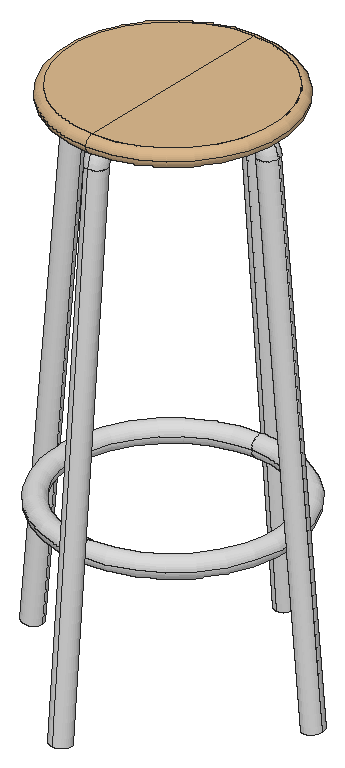
Revit family
Parameters (values of type "Stool - Lab")
  Material Seat = Wood - Birch
  Material Frame = Metal - Stainless
  Keynote = "N"
  Assembly Code = "E2020200"
  Height = 850 mm
  Radius = 175 mm
Reference planes
  plane 1 "Center F/B": y = 0
  plane 2: z = 0
  plane 3 "Center L/R": x = 0
  plane 4: z = 850
  plane 5: z = 254
Forms (mm)
  Sweep 1, solid, material "Metal - Stainless" <- "Material Frame"
    path origin (0, 0, 0) x (1, 0, 0) y (0, 0, 1)
      loop
        line (225.733, 0) -> (154.429, 801.414)
        arc (154.429, 801.414) -> (146.285, 817.927) -> (129.125, 824.6) r 25.4
        line (129.125, 824.6) -> (-129.125, 824.6)
        arc (-129.125, 824.6) -> (-146.285, 817.927) -> (-154.429, 801.414) r 25.4
        line (-154.429, 801.414) -> (-225.733, 0)
    profile origin (0, 0, 0) x (0, 0, -1) y (0, -1, 0)
      loop
        circle (-824.6, 0) r 15.875
  Sweep 2, solid, material "Metal - Stainless" <- "Material Frame"
    path origin (0, 0, 0) x (0, 1, 0) y (0, 0, 1)
      loop
        line (-225.733, 0) -> (-154.429, 801.414)
        arc (-154.429, 801.414) -> (-146.285, 817.927) -> (-129.125, 824.6) r 25.4
        line (-129.125, 824.6) -> (129.125, 824.6)
        arc (129.125, 824.6) -> (146.285, 817.927) -> (154.429, 801.414) r 25.4
        line (154.429, 801.414) -> (225.733, 0)
    profile origin (0, 0, 0) x (0, 0, 1) y (1, 0, 0)
      loop
        circle (824.6, 0) r 15.875
  Revolve 3, solid, material "Wood - Birch" <- "Material Seat"
    sketch origin (0, 0, 0) x (0, 1, 0) y (0, 0, 1)
      loop
        line (0, 850) -> (0, 824.6) -> (162.3, 824.6)
        arc (162.3, 824.6) -> (171.28, 828.32) -> (175, 837.3) r 12.7
        arc (175, 837.3) -> (171.28, 846.28) -> (162.3, 850) r 12.7
        line (162.3, 850) -> (0, 850)
      axis (0, 824.6) -> (0, 850)
    angle from 0 to 360
  Sweep 4, solid, material "Metal - Stainless" <- "Material Frame"
    path origin (0, 0, 254) x (0, -1, 0) y (1, 0, 0)
      loop
        circle (0, 0) r 209.918
    profile origin (0, 0, 254) x (-1, 0, 0) y (0, 0, 1)
      loop
        circle (174.166, -0.439) r 15.875
Lines and regions (mm)
  Masking region 1
    outline origin (0, 0, 0) x (1, 0, 0) y (0, 1, 0)
      loop
        arc (-15.875, 202.952) -> (-143.947, 143.947) -> (-202.952, 15.875) r 203.572
        line (-202.952, 15.875) -> (-226.487, 15.875)
        arc (-226.487, 15.875) -> (-242.362, 0) -> (-226.487, -15.875) r 15.875
        line (-226.487, -15.875) -> (-202.952, -15.875)
        arc (-202.952, -15.875) -> (-143.947, -143.947) -> (-15.875, -202.952) r 203.572
        line (-15.875, -202.952) -> (-15.875, -226.487)
        arc (-15.875, -226.487) -> (0, -242.362) -> (15.875, -226.487) r 15.875
        line (15.875, -226.487) -> (15.875, -202.952)
        arc (15.875, -202.952) -> (143.947, -143.947) -> (202.952, -15.875) r 203.572
        line (202.952, -15.875) -> (226.487, -15.875)
        arc (226.487, -15.875) -> (242.362, 0) -> (226.487, 15.875) r 15.875
        line (226.487, 15.875) -> (202.952, 15.875)
        arc (202.952, 15.875) -> (143.947, 143.947) -> (15.875, 202.952) r 203.572
        line (15.875, 202.952) -> (15.875, 226.487)
        arc (15.875, 226.487) -> (0, 242.362) -> (-15.875, 226.487) r 15.875
        line (-15.875, 226.487) -> (-15.875, 202.952)
  symbolic lines
    curve 1: arc (-202.952, 15.875, 0) -> (-203.688, 0, 0) -> (-202.952, -15.875, 0) r 171.522
    curve 2: arc (202.952, 15.875, 0) -> (203.688, 0, 0) -> (202.952, -15.875, 0) r 171.522
    curve 3: arc (-15.875, 202.952, 0) -> (0, 203.536, 0) -> (15.875, 202.952, 0) r 215.965
    curve 4: arc (-15.875, -202.952, 0) -> (0, -203.536, 0) -> (15.875, -202.952, 0) r 215.965
Dimensions and locks
  "Height": plane 4 to plane 2
  "Radius": plane 1 "Center F/B" to Revolve 3 sketch curve
  locked: Revolve 3 sketch curve to Revolve 3 sketch curve at 12.7
Automatic sketch dimensions
  Sweep 1 sketch curve to level = 0 mm  (x2)
  Sweep 1 sketch curve to plane 3 "Center L/R" = 225.733 mm
  plane 4 to Sweep 1 sketch curve = 48.586 mm
  Sweep 1 sketch curve to plane 3 "Center L/R" = 154.429 mm
  plane 4 to Sweep 1 sketch curve = 25.4 mm
  Sweep 1 sketch curve to Sweep 1 sketch curve = 25.303 mm  (x2)
  plane 3 "Center L/R" to Sweep 1 sketch curve = 129.125 mm
  plane 3 "Center L/R" to Sweep 1 sketch curve = 225.733 mm
  Sweep 1 sketch curve to Sweep 1 sketch curve = 25.4 mm
  Sweep 1 sketch curve to plane 1 "Center F/B" = 0 mm
  Sweep 1 sketch curve to profile plane = 0 mm
  profile plane to Sweep 1 sketch curve = 15.875 mm
  Sweep 2 sketch curve to level = 0 mm  (x2)
  plane 1 "Center F/B" to Sweep 2 sketch curve = 225.733 mm
  plane 4 to Sweep 2 sketch curve = 48.586 mm  (x2)
  plane 1 "Center F/B" to Sweep 2 sketch curve = 154.429 mm
  Sweep 2 sketch curve to Sweep 2 sketch curve = 25.303 mm  (x2)
  Sweep 2 sketch curve to plane 1 "Center F/B" = 129.125 mm
  Sweep 2 sketch curve to plane 1 "Center F/B" = 225.733 mm
  Sweep 2 sketch curve to Sweep 2 sketch curve = 2.214 mm
  Sweep 2 sketch curve to plane 3 "Center L/R" = 0 mm
  Sweep 2 sketch curve to profile plane = 0 mm
  profile plane to Sweep 2 sketch curve = 15.875 mm
  Revolve 3 sketch curve to plane 1 "Center F/B" = 0 mm  (x2)
  Revolve 3 sketch curve to plane 4 = 0 mm
  Revolve 3 sketch curve to Revolve 3 sketch curve = 0 mm
  Revolve 3 sketch curve to plane 4 = 50.8 mm
  Revolve 3 sketch curve to Revolve 3 sketch curve = 50.8 mm
  Sweep 4 sketch curve to plane 3 "Center L/R" = 0 mm
  Sweep 4 sketch curve to plane 1 "Center F/B" = 0 mm
  Sweep 4 sketch curve to Sweep 4 sketch curve = 209.918 mm
  plane 5 to Sweep 4 sketch curve = 0.439 mm
  profile plane to Sweep 4 sketch curve = 51.628 mm
  Sweep 4 sketch curve to Sweep 4 sketch curve = 15.875 mm
  Masking region 1 sketch curve to plane 3 "Center L/R" = 15.875 mm
  Masking region 1 sketch curve to Masking region 1 sketch curve = 0 mm  (x10)
  Masking region 1 sketch curve to Masking region 1 sketch curve = 23.535 mm  (x4)
  Masking region 1 sketch curve to plane 1 "Center F/B" = 0 mm  (x3)
  plane 1 "Center F/B" to Masking region 1 sketch curve = 15.875 mm
  Masking region 1 sketch curve to plane 1 "Center F/B" = 15.875 mm
  Masking region 1 sketch curve to plane 3 "Center L/R" = 0 mm  (x2)
  Masking region 1 sketch curve to plane 3 "Center L/R" = 202.952 mm
  plane 3 "Center L/R" to Masking region 1 sketch curve = 15.875 mm
  curve 1 to plane 1 "Center F/B" = 0 mm
  curve 4 to plane 3 "Center L/R" = 0 mm
  curve 3 to plane 3 "Center L/R" = 0 mm
  curve 2 to plane 1 "Center F/B" = 0 mm
  curve 4 to plane 3 "Center L/R" = 15.875 mm
  curve 3 to plane 3 "Center L/R" = 15.875 mm
  curve 1 to plane 3 "Center L/R" = 32.165 mm
  plane 1 "Center F/B" to curve 1 = 15.875 mm
  curve 1 to curve 1 = 170.786 mm
  curve 1 to plane 1 "Center F/B" = 15.875 mm
  plane 3 "Center L/R" to curve 3 = 15.875 mm
  plane 3 "Center L/R" to curve 4 = 15.875 mm
  plane 3 "Center L/R" to curve 2 = 32.165 mm
  curve 2 to plane 1 "Center F/B" = 15.875 mm
  curve 2 to curve 2 = 170.786 mm
  plane 1 "Center F/B" to curve 2 = 15.875 mm
  plane 1 "Center F/B" to curve 4 = 202.952 mm
  plane 1 "Center F/B" to curve 3 = 12.429 mm
  curve 4 to plane 1 "Center F/B" = 12.429 mm
  curve 4 to curve 3 = 190.522 mm
